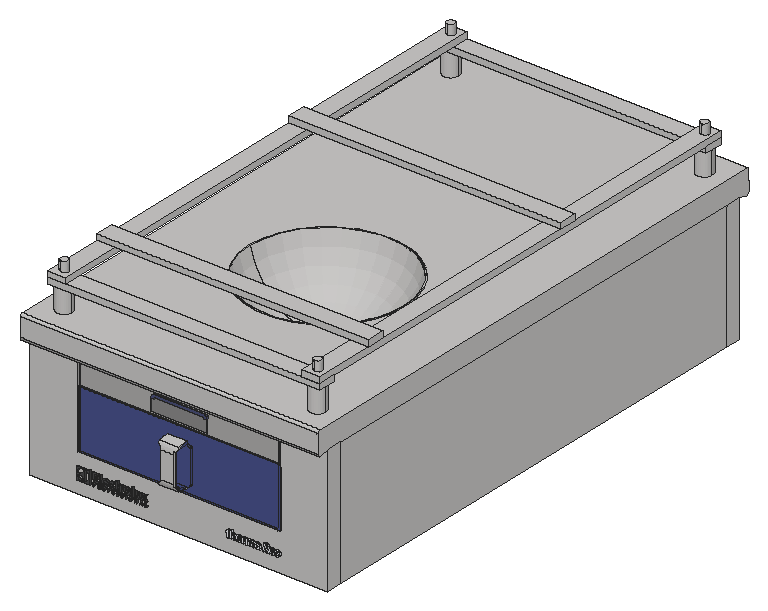
Revit family "QF_ELECTROLUXPROFESSIONAL_589849_MCIHAAEODM", category Attrezzature speciali, Revit 2020
Family settings
  Quota connettore circolare = Usa diametro
  Tipo di parte = Normale
  Basato su piano di lavoro = No
  Sempre verticale = Sì
  Taglio con vuoti quando caricato = No
  Condiviso = No
  Punto di calcolo locali = No
Parameters (values of type "Standard")
  Weight = 18.00 kg
  Watts = 5000 W
  Volts = 440 V
  URL Manufacturer = "https://www.electroluxprofessional.com/"
  URL = "https://www.electroluxprofessional.com/"
  Steam Supply Size = 0"
  Steam Supply Minimum Pressure = 0.00 psi
  Steam Supply Maximum Pressure = 0.00 psi
  Steam Consumption per Hour = 0
  Refrigeration Suction Line Size = 0 mm
  Refrigeration Liquid Line Size = 0 mm
  Refrigerant Compressor Remote = yes
  Prospetto di default = 0 mm
  Phase = 3
  Modello = "MCIHAAEODM"
  Produttore = "Electrolux Professional"
  Length Actual = 500 mm  # constant formula
  Item Number = "589849"
  Hot Water Size = 0"
  Height Actual = 250 mm  # constant formula
  HP = "6.7 HP"
  Gas Size = 0"
  Gas KW = 0
  Gas Input Pressure = 0.0 Btu/h
  Direct Waste Size = 0"
  Descrizione = "MARINE*INDUCTION WOK,1Z,1S,500X900X250H"
  Depth Actual = 900 mm  # constant formula
  Cycle = 50 Hz
  Condensate Return Size = 0"
  Compressed Air Volume = 0 GPM
  Compressed Air Size = 0"
  Compressed Air Pressure = 0.00 psi
  Cold Water Size = 0"
  Accessory = yes
Reference planes
  plane 1 "BACK": y = 0
  plane 2: z = 0
  plane 3 "LEFT": x = 0
  plane 4 "RIGHT": x = 500
  plane 5 "FRONT": y = -900
  plane 6 "TOP": z = 900
  plane 7 "Center (Left/Right)": x = 250
  plane 8 "Center (Back/Front)": y = -450
  plane 9: y = -150
  plane 10: x = 80
  plane 11: x = 420
  plane 12: y = -80
  plane 13: y = -420
  plane 14 "EIx": x = 455
  plane 15 "EIy": y = -685
  plane 16: z = 938
  plane 17 "BaseTop": z = 650
  plane 18: y = -855
  plane 19 "CenterWok": z = 975
  plane 20 "CenterWokY": y = -570
Forms (mm)
  Extrusion 1, solid, material "QF_Finishes_Stainless Steel"
    sketch origin (0, 0, 650) x (-1, 0, 0) y (0, -1, 0)
      loop
        line (0, 45) -> (0, 855) -> (-500, 855) -> (-500, 45) -> (0, 45)
    from 0 to 212.969
  Extrusion 2, solid, material "QF_Finishes_Stainless Steel"
    sketch origin (0, 0, 650) x (-1, 0, 0) y (0, -1, 0)
      loop
        circle (-455, 685) r 6.35
    from 0 to -11.851
  Extrusion 3, solid, material "QF_Finishes_Stainless Steel"
    sketch origin (250, 296.4, 1219.2) x (0, 1, 0) y (0, 0, 1)
      loop
        line (-296.4, -319.2) -> (-1191.4, -319.2)
        arc (-1191.4, -319.2) -> (-1194.935, -320.664) -> (-1196.4, -324.2) r 5
        line (-1196.4, -324.2) -> (-1196.4, -355.2)
        arc (-1196.4, -355.2) -> (-1194.971, -358.264) -> (-1191.705, -359.139) r 4
        line (-1191.705, -359.139) -> (-1176.4, -356.231) -> (-316.4, -356.231) -> (-301.094, -359.139)
        arc (-301.094, -359.139) -> (-297.829, -358.264) -> (-296.4, -355.2) r 4
        line (-296.4, -355.2) -> (-296.4, -319.2)
    from -250 to 250
  Revolve 4, void
    sketch origin (0, -570, 0) x (-1, 0, 0) y (0, 0, 1)
      loop
        line (-250, 900) -> (-250, 796.046)
        arc (-250, 796.046) -> (-166.56, 825.209) -> (-119.452, 900) r 133.95
        line (-119.452, 900) -> (-250, 900)
      axis (-250, 900) -> (-250, 796.046)
    angle from 0 to 360
  Revolve 5, solid, material "QF_Finishes_Stainless Steel"
    sketch origin (0, -570, 0) x (-1, 0, 0) y (0, 0, 1)
      loop
        arc (-120.643, 900) -> (-167.423, 826.111) -> (-250, 797.321) r 132.823
        line (-250, 797.321) -> (-250, 796.252)
        arc (-250, 796.252) -> (-166.66, 825.351) -> (-119.546, 900) r 133.892
        line (-119.546, 900) -> (-120.643, 900)
      axis (-250, 796.252) -> (-250, 900)
    angle from 0 to 360
  Extrusion 6, solid, material "QF_Finishes_Stainless Steel"
    sketch origin (97.542, 0.026, 940) x (0, 1, 0) y (-1, 0, 0)
      loop
        line (-30, 75) -> (-60, 75) -> (-60, -380) -> (-30, -380) -> (-30, 75)
      loop
        line (-870, 75) -> (-870, -380) -> (-840, -380) -> (-840, 75) -> (-870, 75)
      loop
        circle (-855, 60) r 6.5
      loop
        circle (-855, -365) r 6.5
      loop
        circle (-45, 60) r 6.5
      loop
        circle (-45, -365) r 6.5
    from 0 to 10
  Extrusion 7, solid, material "QF_Finishes_Stainless Steel"
    sketch origin (97.542, 0.026, 950) x (0, 1, 0) y (-1, 0, 0)
      loop
        line (-30, 75) -> (-870, 75) -> (-870, 45) -> (-30, 45) -> (-30, 75)
      loop
        line (-30, -380) -> (-30, -350) -> (-870, -350) -> (-870, -380) -> (-30, -380)
      loop
        circle (-45, 60) r 6.5
      loop
        circle (-45, -365) r 6.5
      loop
        circle (-855, 60) r 6.5
      loop
        circle (-855, -365) r 6.5
    from 0 to 10
  Extrusion 8, solid, material "QF_Finishes_Stainless Steel"
    sketch origin (97.542, 0.026, 960) x (0, 1, 0) y (-1, 0, 0)
      loop
        line (-335.026, 75) -> (-365.026, 75) -> (-365.026, -380) -> (-335.026, -380) -> (-335.026, 75)
      loop
        line (-737.026, 75) -> (-767.026, 75) -> (-767.026, -380) -> (-737.026, -380) -> (-737.026, 75)
    from 0 to 10
  Extrusion 9, solid, material "QF_Finishes_Stainless Steel"
    sketch origin (97.542, -0.974, 900) x (-1, 0, 0) y (0, -1, 0)
      loop
        circle (60, 44) r 13
      loop
        circle (-365, 44) r 13
      loop
        circle (60, 854) r 13
      loop
        circle (-365, 854) r 13
    from 0 to 40
  Extrusion 10, solid, material "QF_Finishes_Stainless Steel"
    sketch origin (97.542, -0.974, 940) x (0, 1, 0) y (-1, 0, 0)
      loop
        circle (-854, 60) r 6.5
      loop
        circle (-854, -365) r 6.5
      loop
        circle (-44, 60) r 6.5
      loop
        circle (-44, -365) r 6.5
    from 0 to 35
  Extrusion 11, solid, material "QF_Finishes_Stainless Steel"
    sketch origin (250, 296.4, 1219.2) x (0, 1, 0) y (0, 0, 1)
      loop
        line (-341.4, -569.2) -> (-316.4, -569.2) -> (-316.4, -356.231) -> (-341.4, -356.231) -> (-341.4, -569.2)
    from 250 to -250
Cuts and joins
  Revolve 4 cuts Extrusion 3
  Revolve 4 cuts Extrusion 1
Lines and regions (mm)
  symbolic lines
    curve 1: line (0, 0, 100) -> (500, 0, 100)
    curve 2: line (0, -900, 100) -> (0, 0, 100)
    curve 3: line (500, -900, 100) -> (0, -900, 100)
    curve 4: line (500, 0, 100) -> (500, -900, 100)
    curve 5: circle (250, -570, 0) r 135 normal (0, 0, 1)
    curve 6: line (22.542, -29.974, 900) -> (477.542, -29.974, 900)
    curve 7: line (22.542, -59.974, 900) -> (22.542, -29.974, 900)
    curve 8: line (447.542, -59.974, 900) -> (52.542, -59.974, 900)
    curve 9: line (477.542, -29.974, 900) -> (477.542, -59.974, 900)
    curve 10: line (22.542, -335, 900) -> (477.542, -335, 900)
    curve 11: line (22.542, -365, 900) -> (22.542, -335, 900)
    curve 12: line (477.542, -365, 900) -> (22.542, -365, 900)
    curve 13: line (477.542, -335, 900) -> (477.542, -365, 900)
    curve 14: line (52.542, -839.974, 900) -> (447.542, -839.974, 900)
    curve 15: line (22.542, -869.974, 900) -> (22.542, -839.974, 900)
    curve 16: line (477.542, -869.974, 900) -> (22.542, -869.974, 900)
    curve 17: line (477.542, -839.974, 900) -> (477.542, -869.974, 900)
    curve 18: line (22.542, -59.974, 900) -> (22.542, -335, 900)
    curve 19: line (22.542, -365, 900) -> (22.542, -839.974, 900)
    curve 20: line (477.542, -839.974, 900) -> (477.542, -365, 900)
    curve 21: line (477.542, -335, 900) -> (477.542, -59.974, 900)
    curve 22: line (447.542, -29.974, 900) -> (447.542, -335, 900)
    curve 23: line (447.542, -365, 900) -> (447.542, -737, 900)
    curve 24: line (52.542, -869.974, 900) -> (52.542, -767, 900)
    curve 25: line (52.542, -335, 900) -> (52.542, -29.974, 900)
    curve 26: circle (37.542, -44.974, 900) r 6.5 normal (0, 0, 1)
    curve 27: circle (462.542, -44.974, 900) r 6.5 normal (0, 0, 1)
    curve 28: circle (37.542, -854.974, 900) r 6.5 normal (0, 0, 1)
    curve 29: circle (462.542, -854.974, 900) r 6.5 normal (0, 0, 1)
    curve 30: line (22.542, -737, 900) -> (477.542, -737, 900)
    curve 31: line (477.542, -767, 900) -> (52.542, -767, 900)
    curve 32: line (52.542, -767, 900) -> (22.542, -767, 900)
    curve 33: line (52.542, -737, 900) -> (52.542, -365, 900)
    curve 34: line (447.542, -767, 900) -> (447.542, -869.974, 900)
Dimensions and locks
  plane 3 "LEFT" to plane 4 "RIGHT" = 500 mm
  plane 5 "FRONT" to plane 1 "BACK" = 900 mm
  equal spacing: plane 3 "LEFT", plane 7 "Center (Left/Right)", plane 4 "RIGHT"
  equal spacing: plane 5 "FRONT", plane 8 "Center (Back/Front)", plane 1 "BACK"
  plane 6 "TOP" to level = 900 mm  (x2)
  plane 1 "BACK" to plane 9 = 150 mm
  plane 1 "BACK" to Extrusion 2 = 685 mm
  locked: plane 14 "EIx" to plane 4 "RIGHT" at 45
  plane 15 "EIy" to plane 1 "BACK" = 685 mm
  plane 16 to plane 6 "TOP" = 38 mm
  plane 12 to plane 1 "BACK" = 80 mm
  plane 3 "LEFT" to plane 10 = 80 mm
  plane 11 to plane 4 "RIGHT" = 80 mm
  locked: plane 6 "TOP" to plane 17 "BaseTop" at 250
  locked: plane 18 to plane 5 "FRONT" at 45
  plane 19 "CenterWok" to plane 6 "TOP" = 75 mm  (x2)
  plane 5 "FRONT" to plane 20 "CenterWokY" = 330 mm
  plane 13 to plane 12 = 340 mm
  aligned and locked: level to plane 2
  aligned and locked: nested 1 to plane 18
  aligned and locked: Extrusion 1 to plane 18
  aligned and locked: plane 3 "LEFT" to nested 1
  aligned and locked: cut or joined group of Extrusion 1, Revolve 4 to plane 17 "BaseTop"
  aligned and locked: cut or joined group of Extrusion 1, Revolve 4 to cut or joined group of Extrusion 3, Revolve 4
Automatic sketch dimensions
  Extrusion 2 sketch curve to plane 14 "EIx" = 0 mm
  Extrusion 2 sketch curve to plane 15 "EIy" = 0 mm
  curve 5 to plane 7 "Center (Left/Right)" = 0 mm
  curve 5 to plane 20 "CenterWokY" = 0 mm
  plane 1 "BACK" to curve 1 = 0 mm
  curve 1 to plane 4 "RIGHT" = 0 mm
  curve 3 to plane 3 "LEFT" = 0 mm
  plane 5 "FRONT" to curve 3 = 0 mm
  Revolve 4 sketch curve to plane 7 "Center (Left/Right)" = 0 mm  (x2)
  Revolve 4 sketch curve to plane 6 "TOP" = 0 mm
  Revolve 4 sketch curve to plane 10 = 39.452 mm
  Revolve 4 sketch curve to plane 6 "TOP" = 103.954 mm
  Revolve 4 sketch curve to Revolve 4 sketch curve = 0 mm
  plane 19 "CenterWok" to Revolve 4 sketch curve = 139.996 mm
  Revolve 5 sketch curve to Revolve 5 sketch curve = 0 mm  (x2)
  Revolve 5 sketch curve to plane 7 "Center (Left/Right)" = 0 mm  (x2)
  Revolve 5 sketch curve to plane 6 "TOP" = 0 mm
  Revolve 5 sketch curve to plane 10 = 40.643 mm
  Revolve 5 sketch curve to Revolve 5 sketch curve = 1.098 mm
  Revolve 5 sketch curve to plane 6 "TOP" = 102.679 mm
  Revolve 5 sketch curve to Revolve 5 sketch curve = 3.331 mm
  plane 16 to Revolve 5 sketch curve = 2.653 mm
  Extrusion 1 sketch curve to plane 4 "RIGHT" = 0 mm
  Extrusion 1 sketch curve to plane 3 "LEFT" = 0 mm
  Extrusion 1 sketch curve to plane 18 = 0 mm
  Extrusion 1 sketch curve to plane 12 = 35 mm
  Extrusion 3 sketch curve to plane 5 "FRONT" = 0 mm
  Extrusion 3 sketch curve to plane 6 "TOP" = 0 mm
  Extrusion 3 sketch curve to plane 1 "BACK" = 0 mm
  Extrusion 3 sketch curve to Extrusion 3 sketch curve = 4 mm
  Extrusion 3 sketch curve to Extrusion 3 sketch curve = 0.695 mm
  Extrusion 3 sketch curve to plane 5 "FRONT" = 5 mm
  Extrusion 3 sketch curve to Extrusion 3 sketch curve = 15.305 mm
  plane 1 "BACK" to Extrusion 3 sketch curve = 20 mm
  plane 1 "BACK" to Extrusion 3 sketch curve = 4.695 mm
  plane 1 "BACK" to Extrusion 3 sketch curve = 4 mm
  Extrusion 3 sketch curve to Extrusion 3 sketch curve = 31 mm
  Extrusion 3 sketch curve to Extrusion 3 sketch curve = 36 mm
  Extrusion 3 sketch curve to Extrusion 3 sketch curve = 2.909 mm
  Extrusion 6 sketch curve to plane 18 = 14.974 mm
  plane 18 to Extrusion 6 sketch curve = 0.026 mm  (x2)
  plane 18 to Extrusion 6 sketch curve = 15.026 mm
  Extrusion 6 sketch curve to plane 12 = 20.026 mm
  Extrusion 6 sketch curve to Extrusion 6 sketch curve = 15 mm  (x7)
  Extrusion 6 sketch curve to plane 14 "EIx" = 7.542 mm  (x2)
  plane 3 "LEFT" to Extrusion 6 sketch curve = 37.542 mm  (x2)
  Extrusion 7 sketch curve to plane 18 = 14.974 mm  (x2)
  plane 18 to Extrusion 7 sketch curve = 0.026 mm  (x2)
  Extrusion 7 sketch curve to plane 12 = 35.026 mm  (x2)
  Extrusion 7 sketch curve to plane 14 "EIx" = 7.542 mm  (x2)
  plane 14 "EIx" to Extrusion 7 sketch curve = 7.458 mm
  Extrusion 7 sketch curve to Extrusion 7 sketch curve = 15 mm  (x6)
  plane 10 to Extrusion 7 sketch curve = 27.458 mm
  plane 3 "LEFT" to Extrusion 8 sketch curve = 22.542 mm  (x2)
  plane 18 to Extrusion 8 sketch curve = 88 mm
  Extrusion 8 sketch curve to Extrusion 8 sketch curve = 30 mm  (x2)
  Extrusion 8 sketch curve to plane 13 = 55 mm
  plane 4 "RIGHT" to Extrusion 8 sketch curve = 22.458 mm  (x2)
  Extrusion 9 sketch curve to plane 14 "EIx" = 7.542 mm  (x2)
  plane 18 to Extrusion 9 sketch curve = 0.026 mm  (x2)
  plane 3 "LEFT" to Extrusion 9 sketch curve = 37.542 mm  (x2)
  Extrusion 9 sketch curve to plane 12 = 35.026 mm  (x2)
  plane 18 to Extrusion 10 sketch curve = 0.026 mm  (x2)
  Extrusion 10 sketch curve to plane 14 "EIx" = 7.542 mm  (x2)
  Extrusion 10 sketch curve to plane 12 = 35.026 mm  (x2)
  plane 3 "LEFT" to Extrusion 10 sketch curve = 37.542 mm  (x2)
  Extrusion 11 sketch curve to plane 17 "BaseTop" = 0 mm
  Extrusion 11 sketch curve to plane 12 = 35 mm
  plane 1 "BACK" to Extrusion 11 sketch curve = 20 mm
  Extrusion 11 sketch curve to plane 6 "TOP" = 37.031 mm
  plane 4 "RIGHT" to curve 12 = 22.458 mm
  curve 27 to plane 14 "EIx" = 7.542 mm
  plane 18 to curve 29 = 0.026 mm
  curve 29 to plane 14 "EIx" = 7.542 mm
  plane 10 to curve 32 = 27.458 mm
  plane 3 "LEFT" to curve 26 = 37.542 mm
  plane 18 to curve 28 = 0.026 mm
  curve 24 to curve 28 = 15 mm
  curve 28 to curve 15 = 15 mm
  plane 18 to curve 15 = 15.026 mm
  plane 18 to curve 20 = 15.026 mm
  curve 31 to curve 15 = 72.974 mm
  curve 20 to plane 13 = 55 mm
  curve 10 to curve 11 = 30 mm
  curve 21 to plane 12 = 20.026 mm
  curve 18 to plane 12 = 20.026 mm
  curve 27 to curve 9 = 15 mm
  curve 26 to curve 7 = 15 mm
  curve 6 to curve 26 = 15 mm
  curve 17 to plane 18 = 14.974 mm
  plane 14 "EIx" to curve 23 = 7.458 mm
  plane 14 "EIx" to curve 22 = 7.458 mm
  plane 14 "EIx" to curve 14 = 7.458 mm
  curve 25 to curve 26 = 15 mm
  plane 10 to curve 33 = 27.458 mm
  plane 18 to curve 14 = 15.026 mm
  curve 33 to curve 24 = 30 mm
  curve 8 to plane 12 = 20.026 mm
  radius of Extrusion 2 sketch curve = 6.35 mm
  radius of curve 5 = 135 mm
  radius of Extrusion 6 sketch curve = 6.5 mm  (x4)
  radius of Extrusion 7 sketch curve = 6.5 mm  (x4)
  radius of Extrusion 9 sketch curve = 13 mm  (x4)
  radius of Extrusion 10 sketch curve = 6.5 mm  (x4)
  radius of curve 26 = 6.5 mm
  radius of curve 27 = 6.5 mm
  radius of curve 28 = 6.5 mm
  radius of curve 29 = 6.5 mm
Nested families
  nested 1: "Front_Panel_W500_1 Knob" at (52.376, -855, 0), type "Front_Panel_W500_1 Knob"
Connectors
  electrical at (455, -685, 638.149)
    settings: on Extrusion 2, index 1, voltage 400 V, apparent load 33000 VA, apparent load phase1 0 VA, apparent load phase2 0 VA, apparent load phase3 0 VA, power factor 1, load classification "Other", number of poles 1, system type 30, power factor state 1, is connector primary yes, connector utility no, sub classification motor no, connector description "ELECTRICAL CONNECTION"
Definition of nested family "Front_Panel_W500_1 Knob"
  Parameters
    Width = 500 mm
    Default Elevation = 0 mm
  Reference planes
    plane 1 "Center (Front/Back)": y = 0
    plane 2: z = 0
    plane 3 "Center (Left/Right)": x = 197.624
    plane 4 "Left": x = -52.376
    plane 5 "Right": x = 447.624
    plane 6: y = -45
    plane 7: y = -25
    plane 8: x = 367.624
    plane 9: x = 27.624
  Forms (mm)
    Extrusion 1, solid
      sketch origin (833.217, 829.203, -1.25) x (0, 1, 0) y (0, 0, 1)
        loop
          line (-854.203, 651.25) -> (-829.203, 651.25) -> (-829.203, 864.25) -> (-854.203, 864.25) -> (-854.203, 651.25)
      from -885.593 to -385.593
    Extrusion 2, void
      sketch origin (0, 0, 0) x (1, 0, 0) y (0, 0, 1)
        loop
          line (27.624, 853.866) -> (27.624, 711.866) -> (367.624, 711.866) -> (367.624, 853.866) -> (27.624, 853.866)
      from 19.387 to 33.951
  Cuts and joins
    Extrusion 2 cuts Extrusion 1
  Dimensions and locks
    equal spacing: plane 5 "Right", plane 3 "Center (Left/Right)", plane 4 "Left"
    "Width": plane 5 "Right" to plane 4 "Left"
    locked: plane 3 "Center (Left/Right)" to plane 9 at 170
    locked: plane 8 to plane 3 "Center (Left/Right)" at 170
    aligned and locked: cut or joined group of Extrusion 1, Extrusion 2 to plane 4 "Left"
    aligned and locked: plane 5 "Right" to cut or joined group of Extrusion 1, Extrusion 2
    aligned and locked: plane 3 "Center (Left/Right)" to nested 1
    aligned and locked: cut or joined group of Extrusion 1, Extrusion 2 to nested 1
    aligned and locked: plane 9 to Extrusion 2 sketch curve
    aligned and locked: Extrusion 2 sketch curve to plane 8
    aligned and locked: plane 9 to cut or joined group of Extrusion 1, Extrusion 2
    aligned and locked: plane 8 to cut or joined group of Extrusion 1, Extrusion 2
    aligned and locked: plane 9 to nested 1
    aligned and locked: plane 8 to nested 1
    aligned and locked: nested 4 to plane 9
  Automatic sketch dimensions
    Extrusion 1 sketch curve to plane 1 "Center (Front/Back)" = 0 mm
    level to Extrusion 1 sketch curve = 650 mm
    level to Extrusion 2 sketch curve = 711.866 mm
    Extrusion 2 sketch curve to Extrusion 2 sketch curve = 142 mm
    Extrusion 1 sketch curve to plane 6 = 20 mm
    Extrusion 1 sketch curve to Extrusion 1 sketch curve = 213 mm
  Nested families
    nested 1: "Front glass control panel W340_1 Knob" at (197.624, 280.644, 2.752), type "Front glass control panel W340_1 Knob"
    nested 2: "Range Control Handle" at (197.624, -28.137, -209.113) x (-1, 0, 0) z (0, 0, 1), type "Range Control Handle"
    nested 3: "ELX_ThermaLine_Small" at (319.031, -25, 679.426) x (1, 0, 0) z (0, -1, 0), type "ELX_ThermaLine_Small"
      with Show Logo yes, Material_Logo none
    nested 4: "ELX_Professional_Logo_Small" at (87.11, -25, 681.659) x (1, 0, 0) z (0, -1, 0), type "ELX_Professional_Logo_Small"
      with Show Logo yes, Material_Logo none
  Definition of nested family "Front glass control panel W340_1 Knob"
    Parameters
      Default Elevation = 0 mm
    Reference planes
      plane 1 "Center (Front/Back)": y = 0
      plane 2: z = 0
      plane 3 "Center (Left/Right)": x = 0
    Forms (mm)
      Extrusion 1, solid
        sketch origin (378.286, 0, 0.617) x (1, 0, 0) y (0, 0, 1)
          loop
            line (-548.286, 806.791) -> (-548.286, 708.497) -> (-208.286, 708.497) -> (-208.286, 806.791) -> (-548.286, 806.791)
        from 300.031 to 304.8
      Extrusion 2, solid
        sketch origin (378.286, 0, 0.617) x (1, 0, 0) y (0, 0, 1)
          loop
            line (-548.286, 850.497) -> (-548.286, 806.791) -> (-208.286, 806.791) -> (-208.286, 850.497) -> (-548.286, 850.497)
        from 300.031 to 304.8
      Extrusion 3, void
        sketch origin (378.286, 0, 0.617) x (1, 0, 0) y (0, 0, 1)
          loop
            line (-545.628, 847.565) -> (-545.628, 710.699) -> (-211.196, 710.699) -> (-211.196, 847.565) -> (-545.628, 847.565)
        from 303.697 to 304.8
      Extrusion 4, solid
        sketch origin (308.309, 1.101, -0.633) x (1, 0, 0) y (0, 0, 1)
          loop
            line (-261.431, 812.62) -> (-261.431, 834.177) -> (-266.24, 834.177) -> (-268.039, 835.977) -> (-348.469, 835.977) -> (-350.269, 834.177) -> (-355.186, 834.177) -> (-355.186, 812.62) -> (-261.431, 812.62)
        from 304.798 to 306.745
      Extrusion 5, solid
        sketch origin (308.309, 1.101, -0.633) x (1, 0, 0) y (0, 0, 1)
          loop
            line (-350.269, 834.177) -> (-348.469, 835.977) -> (-268.039, 835.977) -> (-266.24, 834.177) -> (-261.529, 834.177)
            arc (-261.529, 834.177) -> (-262.706, 838.752) -> (-266.98, 840.763) r 5.549
            line (-266.98, 840.763) -> (-349.686, 840.763)
            arc (-349.686, 840.763) -> (-353.942, 838.747) -> (-355.078, 834.177) r 5.5
            line (-355.078, 834.177) -> (-350.269, 834.177)
        from 304.798 to 306.745
    Cuts and joins
      Extrusion 3 cuts Extrusion 1
      Extrusion 3 cuts Extrusion 2
    Dimensions and locks
      equal spacing: cut or joined group of Extrusion 2, Extrusion 3, plane 3 "Center (Left/Right)", cut or joined group of Extrusion 2, Extrusion 3
      cut or joined group of Extrusion 2, Extrusion 3 to cut or joined group of Extrusion 2, Extrusion 3 = 340 mm
      aligned and locked: Extrusion 1 to Extrusion 2
      aligned and locked: Extrusion 5 to Extrusion 4
    Automatic sketch dimensions
      Extrusion 1 sketch curve to plane 3 "Center (Left/Right)" = 170 mm
      plane 3 "Center (Left/Right)" to Extrusion 1 sketch curve = 170 mm
      level to Extrusion 1 sketch curve = 709.114 mm
      Extrusion 1 sketch curve to Extrusion 1 sketch curve = 98.294 mm
      Extrusion 2 sketch curve to plane 3 "Center (Left/Right)" = 170 mm
      plane 3 "Center (Left/Right)" to Extrusion 2 sketch curve = 170 mm
      level to Extrusion 2 sketch curve = 807.408 mm
      Extrusion 2 sketch curve to Extrusion 2 sketch curve = 43.706 mm
      Extrusion 3 sketch curve to plane 3 "Center (Left/Right)" = 167.342 mm
      plane 3 "Center (Left/Right)" to Extrusion 3 sketch curve = 167.091 mm
      level to Extrusion 3 sketch curve = 711.316 mm
      Extrusion 3 sketch curve to Extrusion 3 sketch curve = 136.866 mm
      Extrusion 4 sketch curve to plane 3 "Center (Left/Right)" = 46.877 mm
      Extrusion 4 sketch curve to Extrusion 4 sketch curve = 4.917 mm
      Extrusion 4 sketch curve to Extrusion 4 sketch curve = 1.8 mm  (x3)
      plane 3 "Center (Left/Right)" to Extrusion 4 sketch curve = 40.269 mm
      Extrusion 4 sketch curve to Extrusion 4 sketch curve = 4.809 mm
      level to Extrusion 4 sketch curve = 811.987 mm
      Extrusion 4 sketch curve to Extrusion 4 sketch curve = 21.557 mm  (x2)
      Extrusion 5 sketch curve to plane 3 "Center (Left/Right)" = 46.769 mm
      Extrusion 5 sketch curve to Extrusion 5 sketch curve = 4.809 mm
      Extrusion 5 sketch curve to Extrusion 5 sketch curve = 0.583 mm
      Extrusion 5 sketch curve to Extrusion 5 sketch curve = 1.217 mm
      plane 3 "Center (Left/Right)" to Extrusion 5 sketch curve = 40.269 mm
      Extrusion 5 sketch curve to Extrusion 5 sketch curve = 1.059 mm
      Extrusion 5 sketch curve to Extrusion 5 sketch curve = 0.741 mm
      Extrusion 5 sketch curve to Extrusion 5 sketch curve = 4.711 mm
      level to Extrusion 5 sketch curve = 833.543 mm
      Extrusion 5 sketch curve to Extrusion 5 sketch curve = 0 mm
      Extrusion 5 sketch curve to Extrusion 5 sketch curve = 1.037 mm
      Extrusion 5 sketch curve to Extrusion 5 sketch curve = 0.714 mm
  Definition of nested family "Range Control Handle"
    Parameters
      Default Elevation = 0 mm
    Reference planes
      plane 1 "Center (Front/Back)": y = 0
      plane 2: z = 0
      plane 3 "Center (Left/Right)": x = 0
      plane 4: z = 971.092
      plane 5: y = -16.9
    Forms (mm)
      Extrusion 1, solid
        sketch origin (-746.28, 380.497, 208.931) x (-1, 0, 0) y (0, 0, 1)
          loop
            line (-770.101, 786.798) -> (-770.101, 731.649)
            arc (-770.101, 731.649) -> (-769.759, 730.563) -> (-768.855, 729.87) r 1.893
            line (-768.855, 729.87) -> (-763.474, 727.911) -> (-729.81, 727.911) -> (-724.428, 729.87)
            arc (-724.428, 729.87) -> (-723.525, 730.563) -> (-723.183, 731.649) r 1.893
            line (-723.183, 731.649) -> (-723.183, 786.798)
            arc (-723.183, 786.798) -> (-723.529, 787.894) -> (-724.44, 788.593) r 1.91
            line (-724.44, 788.593) -> (-729.683, 790.819) -> (-763.601, 790.819) -> (-768.844, 788.593)
            arc (-768.844, 788.593) -> (-769.755, 787.894) -> (-770.101, 786.798) r 1.91
        from -382.35 to -378.852
      Sweep 2, solid
        path origin (-746.788, 380.496, 208.091) x (0, -1, 0) y (0, 0, 1)
          loop
            line (379.775, 793.281) -> (395.661, 791.048)
            arc (395.661, 791.048) -> (397.781, 787.377) -> (398.517, 783.202) r 12.207
            line (398.517, 783.202) -> (398.517, 737.368)
            arc (398.517, 737.368) -> (397.781, 733.193) -> (395.661, 729.522) r 12.207
            line (395.661, 729.522) -> (379.775, 727.289)
        profile origin (-746.788, -7.222, 1000.256) x (0, -0.139173, 0.990268) y (-1, 0, 0)
          loop
            line (0.782, -763.123) -> (0.782, -730.907) -> (-1.322, -730.907) -> (-1.322, -763.123) -> (0.782, -763.123)
      Sweep 3, solid
        path origin (-746.788, 380.715, 207.832) x (0, -1, 0) y (0, 0, 1)
          loop
            line (380.478, 795.442) -> (397.218, 793.09)
            arc (397.218, 793.09) -> (399.929, 788.473) -> (400.871, 783.202) r 15.207
            line (400.871, 783.202) -> (400.871, 737.584)
            arc (400.871, 737.584) -> (399.914, 732.274) -> (397.164, 727.633) r 15.207
            line (397.164, 727.633) -> (380.601, 725.305)
        profile origin (-746.788, -8.132, 1002.099) x (0, -0.139173, 0.990268) y (-1, 0, 0)
          loop
            line (0.782, -763.123) -> (0.782, -730.907) -> (-1.322, -730.907) -> (-1.322, -763.123) -> (0.782, -763.123)
      Extrusion 4, void
        sketch origin (889.253, 220.666, 207.993) x (1, 0, 0) y (0, 0, 1)
          loop
            line (-943.038, 816.854) -> (-943.038, 703.686) -> (-899.466, 734.196) -> (-899.466, 786.344) -> (-943.038, 816.854)
        from 230.636 to 242.25
      Extrusion 5, void
        sketch origin (-888.8, 220.666, 207.993) x (-1, 0, 0) y (0, 0, -1)
          loop
            line (-943.038, -816.854) -> (-899.466, -786.344) -> (-899.466, -734.196) -> (-943.038, -703.686) -> (-943.038, -816.854)
        from 230.636 to 242.25
      Extrusion 6, solid
        sketch origin (0, 0, 0) x (1, 0, 0) y (0, 0, 1)
          loop
            circle (0, 971.092) r 7.736
        from -3.137 to -1.645
    Cuts and joins
      Extrusion 4, Extrusion 5 cuts Sweep 3
      Extrusion 4, Extrusion 5 cuts Sweep 2
      joined: Extrusion 1, Extrusion 6
    Lines and regions (mm)
      symbolic lines
        curve 1: line (16.334, -16.9, 0) -> (16.334, -19.227, 0)
        curve 2: spline (16.334, -19.227, 0) -> (15.87, -19.385, 0) -> (15.404, -19.536, 0) -> (14.936, -19.678, 0) -> (14.466, -19.813, 0) -> (13.995, -19.94, 0) -> (13.523, -20.059, 0) -> (13.049, -20.171, 0) -> (12.575, -20.274, 0) -> (12.099, -20.37, 0) -> (11.622, -20.458, 0) -> (11.144, -20.537, 0) -> (10.666, -20.609, 0)
        curve 3: line (10.666, -16.9, 0) -> (10.666, -20.938, 0)
        curve 4: line (-10.213, -20.938, 0) -> (10.666, -20.938, 0)
        curve 5: line (-10.213, -20.938, 0) -> (-10.213, -16.9, 0)
        curve 6: spline (-10.213, -20.609, 0) -> (-10.691, -20.537, 0) -> (-11.169, -20.458, 0) -> (-11.646, -20.37, 0) -> (-12.122, -20.274, 0) -> (-12.597, -20.171, 0) -> (-13.07, -20.059, 0) -> (-13.542, -19.94, 0) -> (-14.013, -19.813, 0) -> (-14.483, -19.678, 0) -> (-14.951, -19.536, 0) -> (-15.417, -19.385, 0) -> (-15.881, -19.227, 0)
        curve 7: line (-15.881, -19.227, 0) -> (-15.881, -16.9, 0)
  Definition of nested family "ELX_ThermaLine_Small"
    Parameters
      Show Logo [instance] = yes
      Material_Logo [instance] = none
      Default Elevation = 0 mm
    Reference planes
      plane 1 "Centro (Fronte/Retro)": y = 0
      plane 2: z = 0
      plane 3 "Centro (Sinistra/Destra)": x = 0
    Forms (mm)
      Extrusion 1, solid
        sketch origin (0, 0, 0) x (1, 0, 0) y (0, 1, 0)
          loop
            line (-1219.2, 1219.2) -> (-1219.2, -1219.2) -> (1219.2, -1219.2) -> (1219.2, 1219.2) -> (-1219.2, 1219.2)
        from 0 to -304.8
      Extrusion 2, solid
        sketch origin (0, 0, 0) x (1, 0, 0) y (0, 1, 0)
          loop
            line (-37.494, 1.229) -> (-35.908, 1.229) -> (-35.908, 3.066) -> (-37.494, 3.066) -> (-37.494, 6.221) -> (-39.867, 4.881) -> (-39.867, 3.066) -> (-40.969, 3.066) -> (-40.969, 1.229) -> (-39.867, 1.229) -> (-39.867, -3.407)
            arc (-39.867, -3.407) -> (-38.982, -5.513) -> (-36.751, -6.001) r 2.478
            line (-36.751, -6.001) -> (-35.638, -5.7) -> (-35.9, -3.835) -> (-36.661, -4.039)
            arc (-36.661, -4.039) -> (-37.236, -3.924) -> (-37.494, -3.399) r 0.662
            line (-37.494, -3.399) -> (-37.494, 1.229)
          loop
            line (-34.242, 6.539) -> (-34.242, -5.848) -> (-31.854, -5.848) -> (-31.854, -0.078)
            arc (-31.854, -0.078) -> (-30.939, 1.249) -> (-29.33, 1.367) r 1.866
            arc (-29.33, 1.367) -> (-28.695, 0.768) -> (-28.461, -0.073) r 1.627
            line (-28.461, -0.073) -> (-28.461, -5.848) -> (-26.086, -5.848) -> (-26.064, -0.46)
            arc (-26.064, -0.46) -> (-26.261, 0.932) -> (-26.786, 2.237) r 5.825
            arc (-26.786, 2.237) -> (-29.381, 3.264) -> (-31.854, 1.971) r 3.353
            line (-31.854, 1.971) -> (-31.854, 6.539) -> (-34.242, 6.539)
          loop
            arc (-18.398, -0.598) -> (-18.893, 0.879) -> (-20.326, 1.487) r 1.897
            arc (-20.326, 1.487) -> (-21.461, 0.708) -> (-21.897, -0.598) r 2.164
            line (-21.897, -0.598) -> (-18.398, -0.598)
          loop
            arc (-16.021, -2.044) -> (-16.754, 1.227) -> (-19.444, 3.226) r 4.814
            arc (-19.444, 3.226) -> (-22.137, 2.788) -> (-23.943, 0.743) r 4.054
            arc (-23.943, 0.743) -> (-24.382, -1.249) -> (-24.162, -3.276) r 6.289
            arc (-24.162, -3.276) -> (-23.302, -4.71) -> (-21.958, -5.705) r 4.28
            arc (-21.958, -5.705) -> (-18.558, -5.814) -> (-16.152, -3.409) r 4.28
            line (-16.152, -3.409) -> (-18.5, -2.995)
            arc (-18.5, -2.995) -> (-19.273, -3.994) -> (-20.533, -4.076) r 1.536
            arc (-20.533, -4.076) -> (-21.56, -3.281) -> (-21.958, -2.044) r 2.197
            line (-21.958, -2.044) -> (-16.021, -2.044)
          loop
            line (-14.165, -5.848) -> (-11.819, -5.848) -> (-11.819, -2.138)
            arc (-11.819, -2.138) -> (-11.787, -1.156) -> (-11.637, -0.185) r 8.18
            arc (-11.637, -0.185) -> (-10.644, 0.972) -> (-9.132, 0.776) r 1.603
            line (-9.132, 0.776) -> (-8.419, 2.846)
            arc (-8.419, 2.846) -> (-10.432, 3.118) -> (-11.994, 1.821) r 2.527
            line (-11.994, 1.821) -> (-11.994, 3.094) -> (-14.165, 3.094) -> (-14.165, -5.848)
          loop
            line (-7.579, 3.094) -> (-7.579, -5.848) -> (-5.178, -5.848) -> (-5.178, -0.756)
            arc (-5.178, -0.756) -> (-4.727, 0.679) -> (-3.417, 1.419) r 2.05
            arc (-3.417, 1.419) -> (-2.499, 0.908) -> (-2.155, -0.085) r 1.471
            line (-2.155, -0.085) -> (-2.155, -5.848) -> (0.23, -5.848) -> (0.23, -1.001)
            arc (0.23, -1.001) -> (0.47, 0.127) -> (1.148, 1.061) r 2.775
            arc (1.148, 1.061) -> (2.225, 1.329) -> (3.05, 0.587) r 1.182
            arc (3.05, 0.587) -> (3.199, -0.019) -> (3.214, -0.642) r 2.894
            line (3.214, -0.642) -> (3.214, -5.848) -> (5.601, -5.848) -> (5.601, 0.261)
            arc (5.601, 0.261) -> (4.87, 2.263) -> (2.976, 3.241) r 2.932
            arc (2.976, 3.241) -> (1.284, 2.973) -> (-0.047, 1.896) r 3.309
            arc (-0.047, 1.896) -> (-1.116, 2.865) -> (-2.506, 3.258) r 3.16
            arc (-2.506, 3.258) -> (-4.105, 2.942) -> (-5.376, 1.92) r 3.419
            line (-5.376, 1.92) -> (-5.376, 3.094) -> (-7.579, 3.094)
          loop
            line (7.583, 0.738) -> (9.702, 0.364)
            arc (9.702, 0.364) -> (11.441, 1.492) -> (12.855, -0.023) r 1.613
            line (12.855, -0.023) -> (9.782, -0.789)
            arc (9.782, -0.789) -> (8.559, -1.346) -> (7.617, -2.305) r 3.687
            arc (7.617, -2.305) -> (7.499, -3.681) -> (7.901, -5.003) r 3.651
            arc (7.901, -5.003) -> (9.107, -5.766) -> (10.515, -6.006) r 3.635
            arc (10.515, -6.006) -> (11.898, -5.697) -> (13.067, -4.895) r 3.734
            line (13.067, -4.895) -> (13.376, -5.848) -> (15.75, -5.848) -> (15.212, -4.193) -> (15.212, 0.38)
            arc (15.212, 0.38) -> (14.897, 1.849) -> (13.818, 2.895) r 2.585
            arc (13.818, 2.895) -> (11.792, 3.442) -> (9.719, 3.11) r 5.005
            arc (9.719, 3.11) -> (8.369, 2.178) -> (7.583, 0.738) r 3.54
          loop
            line (19.723, -5.848) -> (22.233, -5.848) -> (24.854, 6.484) -> (22.345, 6.484) -> (19.723, -5.848)
          loop
            line (24.583, -5.848) -> (26.953, -5.848) -> (28.848, 3.066) -> (26.478, 3.066) -> (24.583, -5.848)
          loop
            line (27.204, 6.484) -> (26.741, 4.305) -> (29.111, 4.305) -> (29.575, 6.484) -> (27.204, 6.484)
          loop
            line (29.355, -5.848) -> (31.849, -5.848) -> (33.098, 0.028)
            arc (33.098, 0.028) -> (34.169, 1.306) -> (35.832, 1.422) r 2.132
            arc (35.832, 1.422) -> (36.324, 0.752) -> (36.383, -0.078) r 1.5
            line (36.383, -0.078) -> (35.157, -5.848) -> (37.536, -5.848) -> (38.936, 0.738)
            arc (38.936, 0.738) -> (38.775, 2.091) -> (37.825, 3.066) r 2.118
            arc (37.825, 3.066) -> (35.392, 3.175) -> (33.295, 1.937) r 4.271
            line (33.295, 1.937) -> (33.535, 3.066) -> (31.25, 3.066) -> (29.355, -5.848)
          loop
            line (42.792, -0.64) -> (46.589, -0.64)
            arc (46.589, -0.64) -> (46.639, 0.124) -> (46.327, 0.823) r 1.589
            arc (46.327, 0.823) -> (45.117, 1.521) -> (43.762, 1.183) r 1.865
            arc (43.762, 1.183) -> (43.141, 0.344) -> (42.792, -0.64) r 3.538
          loop
            line (42.565, -2.138) -> (48.593, -2.138)
            arc (48.593, -2.138) -> (48.58, 0.597) -> (46.983, 2.818) r 4.494
            arc (46.983, 2.818) -> (44.191, 3.28) -> (41.725, 1.891) r 4.26
            arc (41.725, 1.891) -> (40.503, -0.3) -> (40.284, -2.799) r 6.003
            arc (40.284, -2.799) -> (40.959, -4.468) -> (42.377, -5.576) r 3.482
            arc (42.377, -5.576) -> (44.265, -5.961) -> (46.152, -5.576) r 4.823
            arc (46.152, -5.576) -> (47.432, -4.731) -> (48.328, -3.485) r 4.245
            line (48.328, -3.485) -> (46.168, -3.105)
            arc (46.168, -3.105) -> (45.214, -4.072) -> (43.859, -4.181) r 1.953
            arc (43.859, -4.181) -> (42.821, -3.408) -> (42.565, -2.138) r 1.81
          loop
            line (12.868, -1.553) -> (10.216, -2.214)
            arc (10.216, -2.214) -> (9.747, -3.136) -> (10.216, -4.058) r 1.14
            arc (10.216, -4.058) -> (11.537, -4.249) -> (12.614, -3.46) r 1.763
            arc (12.614, -3.46) -> (12.858, -2.522) -> (12.868, -1.553) r 3.97
        from 0 to 1.6
    Dimensions and locks
      aligned and locked: plane 2 to Extrusion 1
      aligned and locked: level to Extrusion 1
  Definition of nested family "ELX_Professional_Logo_Small"
    Parameters
      Show Logo [instance] = yes
      Material_Logo [instance] = none
      Default Elevation = 0 mm
    Reference planes
      plane 1 "Centro (Fronte/Retro)": y = 0
      plane 2: z = 0
      plane 3 "Centro (Sinistra/Destra)": x = 0
    Forms (mm)
      Extrusion 1, solid
        sketch origin (0, 0, 0) x (1, 0, 0) y (0, 1, 0)
          loop
            line (-1219.2, 1219.2) -> (-1219.2, -1219.2) -> (1219.2, -1219.2) -> (1219.2, 1219.2) -> (-1219.2, 1219.2)
        from 0 to -304.8
      Extrusion 2, solid, material <- "Material_Logo"
        sketch origin (15.5, 0, 0) x (1, 0, 0) y (0, 1, 0)
          loop
            spline (-42.99, -1.24) -> (-43.195, -1.231) -> (-43.415, -1.203) -> (-43.642, -1.152) -> (-43.87, -1.074) -> (-44.095, -0.966) -> (-44.309, -0.825) -> (-44.506, -0.647) -> (-44.681, -0.429) -> (-44.828, -0.167) -> (-44.94, 0.142) -> (-45.011, 0.501) -> (-45.037, 0.915)
            line (-45.037, 0.915) -> (-45.037, 2.748) -> (-38.984, 2.748) -> (-38.984, 5.086) -> (-45.038, 5.086) -> (-45.038, 8.489) -> (-38.599, 8.489) -> (-38.599, 10.82) -> (-47.515, 10.82) -> (-47.515, 1.021)
            spline (-47.515, 1.021) -> (-47.493, 0.418) -> (-47.425, -0.15) -> (-47.311, -0.682) -> (-47.15, -1.175) -> (-46.939, -1.628) -> (-46.678, -2.038) -> (-46.365, -2.404) -> (-46, -2.723) -> (-45.58, -2.995) -> (-45.105, -3.216) -> (-44.573, -3.385) -> (-43.983, -3.499)
            line (-43.983, -3.499) -> (-43.01, -3.569) -> (-38.426, -3.569) -> (-38.426, -1.24) -> (-42.99, -1.24)
          loop
            line (-36.666, 4.021) -> (-36.666, -3.573) -> (-34.188, -3.573) -> (-34.188, 10.824) -> (-36.666, 10.824) -> (-36.666, 4.021)
          loop
            spline (-21.915, 1.897) -> (-21.957, 2.615) -> (-22.082, 3.303) -> (-22.285, 3.955) -> (-22.563, 4.564) -> (-22.913, 5.124) -> (-23.331, 5.629) -> (-23.814, 6.074) -> (-24.359, 6.451) -> (-24.961, 6.755) -> (-25.618, 6.98) -> (-26.326, 7.119) -> (-27.081, 7.167)
            spline (-27.081, 7.167) -> (-27.853, 7.122) -> (-28.586, 6.99) -> (-29.275, 6.774) -> (-29.915, 6.478) -> (-30.5, 6.104) -> (-31.024, 5.657) -> (-31.483, 5.138) -> (-31.871, 4.553) -> (-32.182, 3.904) -> (-32.411, 3.194) -> (-32.552, 2.427) -> (-32.6, 1.606)
            spline (-32.6, 1.606) -> (-32.553, 0.805) -> (-32.416, 0.057) -> (-32.193, -0.637) -> (-31.887, -1.271) -> (-31.504, -1.843) -> (-31.048, -2.35) -> (-30.523, -2.788) -> (-29.934, -3.154) -> (-29.284, -3.444) -> (-28.579, -3.656) -> (-27.822, -3.785) -> (-27.019, -3.829)
            spline (-27.019, -3.829) -> (-26.627, -3.82) -> (-26.239, -3.79) -> (-25.856, -3.739) -> (-25.477, -3.663) -> (-25.103, -3.562) -> (-24.734, -3.432) -> (-24.369, -3.273) -> (-24.01, -3.082) -> (-23.655, -2.858) -> (-23.305, -2.597) -> (-22.96, -2.299) -> (-22.621, -1.962)
            line (-22.621, -1.962) -> (-24.114, -0.509)
            spline (-24.114, -0.509) -> (-24.311, -0.699) -> (-24.509, -0.872) -> (-24.71, -1.03) -> (-24.915, -1.172) -> (-25.126, -1.297) -> (-25.346, -1.407) -> (-25.576, -1.5) -> (-25.817, -1.576) -> (-26.072, -1.636) -> (-26.342, -1.678) -> (-26.629, -1.704) -> (-26.936, -1.713)
            spline (-26.936, -1.713) -> (-27.384, -1.691) -> (-27.805, -1.625) -> (-28.196, -1.518) -> (-28.556, -1.372) -> (-28.882, -1.187) -> (-29.174, -0.966) -> (-29.429, -0.71) -> (-29.645, -0.422) -> (-29.821, -0.102) -> (-29.955, 0.247) -> (-30.045, 0.623) -> (-30.089, 1.026)
            line (-30.089, 1.026) -> (-21.956, 1.026) -> (-21.915, 1.897)
          loop
            spline (-24.446, 2.769) -> (-24.47, 3.075) -> (-24.54, 3.37) -> (-24.654, 3.65) -> (-24.807, 3.913) -> (-24.996, 4.156) -> (-25.219, 4.376) -> (-25.472, 4.57) -> (-25.753, 4.736) -> (-26.057, 4.869) -> (-26.382, 4.968) -> (-26.724, 5.03) -> (-27.081, 5.051)
            spline (-27.081, 5.051) -> (-27.464, 5.03) -> (-27.832, 4.97) -> (-28.183, 4.872) -> (-28.513, 4.74) -> (-28.819, 4.577) -> (-29.099, 4.384) -> (-29.347, 4.165) -> (-29.563, 3.923) -> (-29.742, 3.659) -> (-29.881, 3.377) -> (-29.977, 3.079) -> (-30.027, 2.769)
            line (-30.027, 2.769) -> (-24.446, 2.769)
          loop
            spline (-18.167, 1.669) -> (-18.138, 2.13) -> (-18.055, 2.567) -> (-17.921, 2.978) -> (-17.739, 3.358) -> (-17.512, 3.705) -> (-17.243, 4.016) -> (-16.937, 4.287) -> (-16.596, 4.517) -> (-16.223, 4.7) -> (-15.823, 4.835) -> (-15.398, 4.919) -> (-14.951, 4.947)
            spline (-14.951, 4.947) -> (-14.677, 4.938) -> (-14.414, 4.913) -> (-14.162, 4.871) -> (-13.921, 4.812) -> (-13.69, 4.738) -> (-13.467, 4.649) -> (-13.254, 4.544) -> (-13.048, 4.424) -> (-12.85, 4.291) -> (-12.659, 4.143) -> (-12.474, 3.981) -> (-12.295, 3.806)
            line (-12.295, 3.806) -> (-10.76, 5.403)
            spline (-10.76, 5.403) -> (-11.065, 5.709) -> (-11.38, 5.984) -> (-11.703, 6.228) -> (-12.035, 6.443) -> (-12.375, 6.63) -> (-12.723, 6.788) -> (-13.078, 6.92) -> (-13.44, 7.026) -> (-13.809, 7.107) -> (-14.184, 7.164) -> (-14.564, 7.198) -> (-14.951, 7.209)
            spline (-14.951, 7.209) -> (-15.725, 7.161) -> (-16.467, 7.02) -> (-17.169, 6.792) -> (-17.826, 6.482) -> (-18.43, 6.096) -> (-18.976, 5.637) -> (-19.455, 5.112) -> (-19.862, 4.525) -> (-20.19, 3.882) -> (-20.433, 3.189) -> (-20.584, 2.449) -> (-20.635, 1.669)
            spline (-20.635, 1.669) -> (-20.584, 0.889) -> (-20.433, 0.149) -> (-20.19, -0.545) -> (-19.862, -1.187) -> (-19.455, -1.774) -> (-18.976, -2.299) -> (-18.43, -2.758) -> (-17.826, -3.145) -> (-17.169, -3.454) -> (-16.467, -3.682) -> (-15.725, -3.823) -> (-14.951, -3.871)
            spline (-14.951, -3.871) -> (-14.564, -3.86) -> (-14.184, -3.826) -> (-13.809, -3.77) -> (-13.44, -3.689) -> (-13.078, -3.583) -> (-12.723, -3.451) -> (-12.375, -3.292) -> (-12.035, -3.105) -> (-11.703, -2.89) -> (-11.38, -2.646) -> (-11.065, -2.371) -> (-10.76, -2.066)
            line (-10.76, -2.066) -> (-12.295, -0.468)
            spline (-12.295, -0.468) -> (-12.474, -0.643) -> (-12.659, -0.805) -> (-12.85, -0.953) -> (-13.048, -1.087) -> (-13.254, -1.206) -> (-13.467, -1.311) -> (-13.69, -1.4) -> (-13.921, -1.475) -> (-14.162, -1.533) -> (-14.414, -1.575) -> (-14.677, -1.6) -> (-14.951, -1.609)
            spline (-14.951, -1.609) -> (-15.398, -1.581) -> (-15.823, -1.497) -> (-16.223, -1.362) -> (-16.596, -1.179) -> (-16.937, -0.95) -> (-17.243, -0.678) -> (-17.512, -0.367) -> (-17.739, -0.02) -> (-17.921, 0.36) -> (-18.055, 0.771) -> (-18.138, 1.208) -> (-18.167, 1.669)
          loop
            spline (-4.441, -1.243) -> (-4.659, -1.247) -> (-4.894, -1.23) -> (-5.137, -1.19) -> (-5.384, -1.121) -> (-5.628, -1.021) -> (-5.864, -0.884) -> (-6.084, -0.708) -> (-6.283, -0.488) -> (-6.454, -0.219) -> (-6.592, 0.101) -> (-6.69, 0.478) -> (-6.742, 0.914)
            line (-6.742, 0.914) -> (-6.742, 4.587) -> (-4.487, 4.587) -> (-4.487, 6.838) -> (-6.738, 6.838) -> (-6.738, 10.824) -> (-9.217, 10.824) -> (-9.217, 0.773)
            spline (-9.217, 0.773) -> (-9.164, 0.19) -> (-9.068, -0.358) -> (-8.928, -0.87) -> (-8.742, -1.343) -> (-8.511, -1.777) -> (-8.232, -2.168) -> (-7.904, -2.515) -> (-7.527, -2.816) -> (-7.098, -3.069) -> (-6.618, -3.273) -> (-6.084, -3.426) -> (-5.496, -3.525)
            line (-5.496, -3.525) -> (-4.45, -3.573) -> (-4.441, -1.243)
          loop
            spline (3.898, 6.983) -> (3.469, 7.009) -> (3.056, 7.001) -> (2.661, 6.961) -> (2.283, 6.888) -> (1.925, 6.785) -> (1.588, 6.652) -> (1.272, 6.49) -> (0.979, 6.301) -> (0.71, 6.085) -> (0.465, 5.844) -> (0.247, 5.578) -> (0.056, 5.289)
            line (0.056, 5.289) -> (0.056, 6.838) -> (-2.402, 6.838) -> (-2.402, -3.572) -> (0.056, -3.572) -> (0.056, 1.901)
            spline (0.056, 1.901) -> (0.079, 2.316) -> (0.145, 2.703) -> (0.254, 3.06) -> (0.404, 3.386) -> (0.592, 3.679) -> (0.818, 3.938) -> (1.08, 4.162) -> (1.375, 4.348) -> (1.703, 4.495) -> (2.062, 4.602) -> (2.45, 4.668) -> (2.865, 4.69)
            line (2.865, 4.69) -> (3.898, 4.586) -> (3.898, 6.983)
          loop
            spline (15.638, 1.633) -> (15.586, 2.396) -> (15.435, 3.124) -> (15.192, 3.81) -> (14.863, 4.449) -> (14.455, 5.034) -> (13.975, 5.56) -> (13.43, 6.021) -> (12.826, 6.411) -> (12.17, 6.724) -> (11.469, 6.955) -> (10.729, 7.098) -> (9.958, 7.147)
            spline (9.958, 7.147) -> (9.182, 7.098) -> (8.44, 6.955) -> (7.737, 6.724) -> (7.081, 6.411) -> (6.477, 6.021) -> (5.933, 5.56) -> (5.454, 5.034) -> (5.048, 4.449) -> (4.721, 3.81) -> (4.479, 3.124) -> (4.329, 2.396) -> (4.277, 1.633)
            spline (4.277, 1.633) -> (4.329, 0.869) -> (4.479, 0.141) -> (4.721, -0.544) -> (5.048, -1.183) -> (5.454, -1.768) -> (5.933, -2.294) -> (6.477, -2.755) -> (7.081, -3.145) -> (7.737, -3.459) -> (8.44, -3.69) -> (9.182, -3.833) -> (9.958, -3.882)
            spline (9.958, -3.882) -> (10.729, -3.833) -> (11.469, -3.69) -> (12.17, -3.459) -> (12.826, -3.145) -> (13.43, -2.755) -> (13.975, -2.294) -> (14.455, -1.768) -> (14.863, -1.183) -> (15.192, -0.544) -> (15.435, 0.141) -> (15.586, 0.869) -> (15.638, 1.633)
          loop
            spline (13.18, 1.633) -> (13.151, 2.083) -> (13.067, 2.513) -> (12.932, 2.918) -> (12.748, 3.296) -> (12.52, 3.642) -> (12.251, 3.954) -> (11.943, 4.227) -> (11.601, 4.459) -> (11.228, 4.645) -> (10.828, 4.782) -> (10.403, 4.867) -> (9.958, 4.896)
            spline (9.958, 4.896) -> (9.509, 4.867) -> (9.081, 4.782) -> (8.679, 4.645) -> (8.306, 4.459) -> (7.964, 4.227) -> (7.658, 3.954) -> (7.39, 3.642) -> (7.163, 3.296) -> (6.981, 2.918) -> (6.847, 2.513) -> (6.765, 2.083) -> (6.736, 1.633)
            spline (6.736, 1.633) -> (6.765, 1.182) -> (6.847, 0.753) -> (6.981, 0.347) -> (7.163, -0.031) -> (7.39, -0.377) -> (7.658, -0.689) -> (7.964, -0.962) -> (8.306, -1.193) -> (8.679, -1.38) -> (9.081, -1.517) -> (9.509, -1.602) -> (9.958, -1.631)
            spline (9.958, -1.631) -> (10.403, -1.602) -> (10.828, -1.517) -> (11.228, -1.38) -> (11.601, -1.193) -> (11.943, -0.962) -> (12.251, -0.689) -> (12.52, -0.377) -> (12.748, -0.031) -> (12.932, 0.347) -> (13.067, 0.753) -> (13.151, 1.182) -> (13.18, 1.633)
          loop
            line (17.162, 4.269) -> (17.162, -3.573) -> (19.642, -3.573) -> (19.642, 10.824) -> (17.162, 10.824) -> (17.162, 4.269)
          loop
            line (28.581, 6.838) -> (28.581, 0.786)
            spline (28.581, 0.786) -> (28.561, 0.393) -> (28.503, 0.038) -> (28.409, -0.279) -> (28.281, -0.559) -> (28.122, -0.802) -> (27.933, -1.011) -> (27.717, -1.185) -> (27.476, -1.325) -> (27.213, -1.433) -> (26.929, -1.509) -> (26.626, -1.554) -> (26.308, -1.569)
            spline (26.308, -1.569) -> (25.99, -1.554) -> (25.688, -1.509) -> (25.404, -1.434) -> (25.141, -1.326) -> (24.9, -1.187) -> (24.684, -1.014) -> (24.496, -0.807) -> (24.336, -0.565) -> (24.209, -0.288) -> (24.115, 0.026) -> (24.057, 0.376) -> (24.037, 0.765)
            line (24.037, 0.765) -> (24.037, 6.838) -> (21.537, 6.838) -> (21.537, 0.558)
            spline (21.537, 0.558) -> (21.581, -0.153) -> (21.71, -0.8) -> (21.916, -1.384) -> (22.195, -1.904) -> (22.54, -2.362) -> (22.944, -2.757) -> (23.403, -3.09) -> (23.909, -3.362) -> (24.456, -3.572) -> (25.04, -3.722) -> (25.652, -3.811) -> (26.288, -3.841)
            spline (26.288, -3.841) -> (26.929, -3.811) -> (27.547, -3.72) -> (28.135, -3.568) -> (28.687, -3.355) -> (29.197, -3.079) -> (29.66, -2.741) -> (30.068, -2.341) -> (30.415, -1.877) -> (30.696, -1.349) -> (30.905, -0.757) -> (31.034, -0.101) -> (31.079, 0.621)
            line (31.079, 0.621) -> (31.079, 6.838) -> (28.581, 6.838)
          loop
            line (40.457, -0.243) -> (38.894, 1.942) -> (40.83, 4.579) -> (42.488, 6.837) -> (39.782, 6.837) -> (37.53, 3.719) -> (35.258, 6.837) -> (32.573, 6.837) -> (34.113, 4.731) -> (36.167, 1.922) -> (34.014, -1.076) -> (32.222, -3.573) -> (34.887, -3.573) -> (37.53, 0.104) -> (40.174, -3.573) -> (42.839, -3.573) -> (40.457, -0.243)
          loop
            line (-46.121, -5.837) -> (-48.039, -5.837) -> (-48.039, -10.814) -> (-47.016, -10.814) -> (-47.016, -9.128) -> (-46.121, -9.128)
            arc (-46.121, -9.128) -> (-44.476, -7.482) -> (-46.121, -5.837) r 1.645
          loop
            line (-46.163, -6.778) -> (-47.016, -6.778) -> (-47.016, -8.187) -> (-46.163, -8.187)
            arc (-46.163, -8.187) -> (-45.458, -7.482) -> (-46.163, -6.778) r 0.704
          loop
            line (-38.313, -5.837) -> (-40.265, -5.837) -> (-40.265, -10.814) -> (-39.241, -10.814) -> (-39.241, -9.1) -> (-38.46, -9.182) -> (-37.48, -10.814) -> (-36.318, -10.814) -> (-37.513, -8.848)
            arc (-37.513, -8.848) -> (-36.888, -8.266) -> (-36.671, -7.441) r 1.536
            arc (-36.671, -7.441) -> (-37.165, -6.305) -> (-38.313, -5.837) r 1.643
          loop
            arc (-38.402, -8.166) -> (-37.707, -7.505) -> (-38.334, -6.778) r 0.696
            line (-38.334, -6.778) -> (-39.241, -6.778) -> (-39.241, -8.166) -> (-38.402, -8.166)
          loop
            circle (-29.965, -8.325) r 2.585
          loop
            circle (-29.965, -8.325) r 1.64
          loop
            line (-23.1, -5.837) -> (-23.1, -10.814) -> (-22.076, -10.814) -> (-22.076, -8.768) -> (-20.204, -8.768) -> (-20.204, -7.828) -> (-22.076, -7.828) -> (-22.076, -6.778) -> (-20.024, -6.778) -> (-20.024, -5.837) -> (-23.1, -5.837)
          loop
            line (-15.802, -5.837) -> (-15.802, -9.2)
            arc (-15.802, -9.2) -> (-15.343, -10.34) -> (-14.209, -10.814) r 1.593
            line (-14.209, -10.814) -> (-12.602, -10.814) -> (-12.602, -10.027) -> (-14.004, -10.027)
            arc (-14.004, -10.027) -> (-14.552, -9.8) -> (-14.779, -9.252) r 0.775
            line (-14.779, -9.252) -> (-14.779, -8.424) -> (-12.789, -8.424) -> (-12.789, -7.642) -> (-14.779, -7.642) -> (-14.779, -6.778) -> (-12.651, -6.778) -> (-12.651, -5.837) -> (-15.802, -5.837)
          loop
            line (-5.909, -7.143) -> (-5.173, -6.638)
            arc (-5.173, -6.638) -> (-5.855, -5.974) -> (-6.781, -5.755) r 1.782
            arc (-6.781, -5.755) -> (-7.397, -5.878) -> (-7.944, -6.189) r 1.974
            arc (-7.944, -6.189) -> (-8.202, -6.5) -> (-8.317, -6.888) r 1.013
            arc (-8.317, -6.888) -> (-8.306, -7.341) -> (-8.192, -7.78) r 1.985
            arc (-8.192, -7.78) -> (-7.749, -8.259) -> (-7.171, -8.563) r 1.928
            arc (-7.171, -8.563) -> (-6.637, -8.779) -> (-6.131, -9.056) r 5.041
            arc (-6.131, -9.056) -> (-5.934, -9.387) -> (-6.09, -9.74) r 0.42
            arc (-6.09, -9.74) -> (-6.631, -9.96) -> (-7.204, -9.845) r 1.016
            arc (-7.204, -9.845) -> (-7.625, -9.603) -> (-7.889, -9.196) r 1.033
            line (-7.889, -9.196) -> (-8.67, -9.686)
            arc (-8.67, -9.686) -> (-8.361, -10.198) -> (-7.908, -10.589) r 1.914
            arc (-7.908, -10.589) -> (-7.334, -10.834) -> (-6.714, -10.896) r 2.063
            arc (-6.714, -10.896) -> (-5.947, -10.743) -> (-5.256, -10.376) r 2.696
            arc (-5.256, -10.376) -> (-4.95, -9.565) -> (-5.108, -8.712) r 1.618
            arc (-5.108, -8.712) -> (-5.448, -8.319) -> (-5.884, -8.035) r 1.876
            arc (-5.884, -8.035) -> (-6.434, -7.789) -> (-6.999, -7.577) r 9.883
            arc (-6.999, -7.577) -> (-7.325, -7.07) -> (-6.854, -6.694) r 0.45
            arc (-6.854, -6.694) -> (-6.329, -6.809) -> (-5.909, -7.143) r 1.197
          loop
            line (1.61, -7.143) -> (2.345, -6.638)
            arc (2.345, -6.638) -> (1.663, -5.974) -> (0.737, -5.755) r 1.782
            arc (0.737, -5.755) -> (0.121, -5.878) -> (-0.425, -6.189) r 1.974
            arc (-0.425, -6.189) -> (-0.683, -6.5) -> (-0.799, -6.888) r 1.013
            arc (-0.799, -6.888) -> (-0.788, -7.341) -> (-0.674, -7.78) r 1.985
            arc (-0.674, -7.78) -> (-0.231, -8.259) -> (0.347, -8.563) r 1.928
            arc (0.347, -8.563) -> (0.881, -8.779) -> (1.387, -9.056) r 5.041
            arc (1.387, -9.056) -> (1.584, -9.387) -> (1.428, -9.74) r 0.42
            arc (1.428, -9.74) -> (0.887, -9.96) -> (0.314, -9.845) r 1.016
            arc (0.314, -9.845) -> (-0.107, -9.603) -> (-0.371, -9.196) r 1.033
            line (-0.371, -9.196) -> (-1.152, -9.686)
            arc (-1.152, -9.686) -> (-0.842, -10.198) -> (-0.39, -10.589) r 1.914
            arc (-0.39, -10.589) -> (0.184, -10.834) -> (0.804, -10.896) r 2.063
            arc (0.804, -10.896) -> (1.572, -10.743) -> (2.263, -10.376) r 2.696
            arc (2.263, -10.376) -> (2.568, -9.565) -> (2.411, -8.712) r 1.618
            arc (2.411, -8.712) -> (2.07, -8.319) -> (1.635, -8.035) r 1.876
            arc (1.635, -8.035) -> (1.084, -7.789) -> (0.519, -7.577) r 9.883
            arc (0.519, -7.577) -> (0.193, -7.07) -> (0.665, -6.694) r 0.45
            arc (0.665, -6.694) -> (1.189, -6.809) -> (1.61, -7.143) r 1.197
          loop
            line (6.801, -5.837) -> (6.801, -10.814) -> (7.825, -10.814) -> (7.825, -5.837) -> (6.801, -5.837)
          loop
            circle (14.724, -8.325) r 1.548
          loop
            circle (14.724, -8.325) r 2.585
          loop
            line (21.59, -10.814) -> (22.623, -10.814) -> (22.623, -7.685) -> (24.9, -10.814) -> (25.895, -10.814) -> (25.895, -5.837) -> (24.861, -5.837) -> (24.861, -9.061) -> (22.585, -5.837) -> (21.59, -5.837) -> (21.59, -10.814)
          loop
            line (31.054, -10.814) -> (31.539, -9.74) -> (33.38, -9.74) -> (33.865, -10.814) -> (34.965, -10.814) -> (32.46, -5.837) -> (29.956, -10.814) -> (31.054, -10.814)
          loop
            line (32.46, -7.698) -> (31.999, -8.719) -> (32.921, -8.719) -> (32.46, -7.698)
          loop
            line (40.047, -9.873) -> (40.047, -5.837) -> (39.024, -5.837) -> (39.024, -10.814) -> (41.961, -10.814) -> (41.961, -9.873) -> (40.047, -9.873)
          loop
            line (-74.986, -10.814) -> (-53.322, -10.814) -> (-53.322, 10.82) -> (-74.986, 10.82) -> (-74.986, -10.814)
          loop
            line (-61.261, 9.758) -> (-61.261, -9.707)
            arc (-61.261, -9.707) -> (-54.066, 0.025) -> (-61.261, 9.758) r 10.18
          loop
            line (-62.251, 8.349) -> (-62.251, 9.758)
            arc (-62.251, 9.758) -> (-70.347, 7.918) -> (-74.247, 0.59) r 9.976
            line (-74.247, 0.59) -> (-71.026, 0.59)
            arc (-71.026, 0.59) -> (-65.274, 2.925) -> (-62.251, 8.349) r 9.351
          loop
            arc (-74.247, -0.539) -> (-70.353, -7.928) -> (-62.251, -9.957) r 10.237
            line (-62.251, -9.957) -> (-62.251, -8.298)
            arc (-62.251, -8.298) -> (-65.274, -2.874) -> (-71.026, -0.539) r 9.351
            line (-71.026, -0.539) -> (-74.247, -0.539)
        from 0 to 1.644
    Dimensions and locks
      aligned and locked: plane 2 to Extrusion 1
      aligned and locked: level to Extrusion 1
